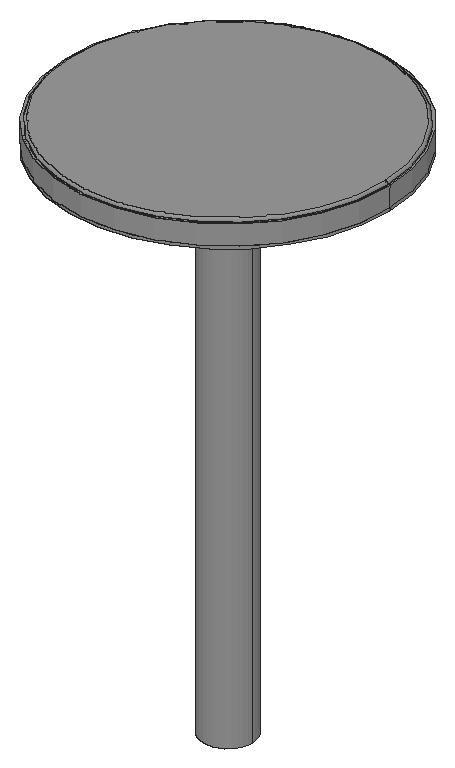
Revit family "Комплект барной мебели «Таверна» Арт 19652", category Антураж, Revit 2018
Family settings
  На основе рабочей плоскости = Нет
  Всегда вертикально = Да
  При загрузке вырезать с полостями = Нет
  Источник визуального образа = Геометрия семейства
  Общий = Нет
  Точка расчета площади = Нет
Parameters (values of type "Комплект барной мебели «Таверна». Стол")
  Ширина = if(Стол, 650 mm, 300 mm)  # 650 mm
  Цвет отделки = Дерево
  Цвет каркаса = Сталь
  Стул = not(Стол)  # no
  Стол = yes
  Описание = if(Стол, "Комплект барной мебели «Таверна». Стол", "Комплект барной мебели «Таверна». Стул")  # "Комплект барной мебели «Таверна». Стол"
  Материал изделия = "Сталь, дерево"  # constant formula
  Изображение типоразмера = Комплект барной мебели «Таверна» Арт 19652.jpg
  Изготовитель = "ООО «Хоббика»"  # constant formula
  Длина = if(Стол, 650 mm, 300 mm)  # 650 mm
  Группа модели = " Комплекты садовой мебели"  # constant formula
  Высота = if(Стол, 1100 mm, 750 mm)  # 1100 mm
  Артикул товара = "Арт. 19652"  # constant formula
  URL = "https://hobbyka.ru/product/komplekt_barnoy_mebeli_taverna/"
Types (3, lengths in mm): name | Ширина | Стул | Стол | Описание | Длина | Высота
  (no name) | 650 | no | yes | "Комплект барной мебели «Таверна». Стол" | 650 | 1100
  Комплект барной мебели «Таверна». Стол | 650 | no | yes | "Комплект барной мебели «Таверна». Стол" | 650 | 1100
  Комплект барной мебели «Таверна». Стул | 300 | yes | no | "Комплект барной мебели «Таверна». Стул" | 300 | 750
Reference planes
  plane 1 "По центру (Вперед/Назад)": y = 0
  plane 2: z = 0
  plane 3 "По центру (Влево/Вправо)": x = 0
  plane 4: x = -325
  plane 5: x = 325
  plane 6: y = 325
  plane 7: y = -325
  plane 8: z = 1100
Dimensions and locks
  equal spacing: plane 4, plane 3 "По центру (Влево/Вправо)", plane 5
  "Длина": plane 4 to plane 5
  equal spacing: plane 6, plane 1 "По центру (Вперед/Назад)", plane 7
  "Ширина": plane 6 to plane 7
  "Высота": plane 8 to level
  aligned and locked: level to plane 2
Nested families
  nested 1: "Комплект барной мебели «Таверна» Арт 19652 стол" at (0, 0, 0), visible <- "Стол", type "Комплект барной мебели «Таверна» Арт 19652 стол"
  nested 2: "Комплект барной мебели «Таверна» Арт 19652 стул" at (0, 0, 0), visible <- "Стул", type "Комплект барной мебели «Таверна» Арт 19652 стул"
Definition of nested family "Комплект барной мебели «Таверна» Арт 19652 стол"
  Parameters (values of type "Комплект барной мебели «Таверна» Арт 19652 стол")
    Цвет отделки = none
    Цвет каркаса = none
    Height = 0 mm
  Reference planes
    plane 1 "По центру (Вперед/Назад)": y = 0
    plane 2: z = 0
    plane 3 "По центру (Влево/Вправо)": x = 0
  Forms (mm)
    Extrusion 1, solid, material <- "Цвет каркаса"
      sketch origin (0, 0, 0) x (1, 0, 0) y (0, 1, 0)
        loop
          circle (0, 0) r 50
        loop
          circle (0, 0) r 45
      from 0 to 1050
    Extrusion 2, solid, material <- "Цвет каркаса"
      sketch origin (0, 0, 0) x (1, 0, 0) y (0, 1, 0)
        loop
          circle (0, 0) r 325
        loop
          circle (0, 0) r 320
      from 1055 to 1095
    Extrusion 3, solid, material <- "Цвет отделки"
      sketch origin (0, 0, 0) x (1, 0, 0) y (0, 1, 0)
        loop
          circle (0, 0) r 320
      from 1055 to 1100
    Extrusion 4, solid, material <- "Цвет каркаса"
      sketch origin (0, 0, 0) x (1, 0, 0) y (0, 1, 0)
        loop
          circle (0, 0) r 325
      from 1050 to 1055
    Sweep 5, void
      path origin (0, 0, 1100) x (1, 0, 0) y (0, 1, 0)
        loop
          circle (0, 0) r 320
      profile origin (0, 320, 1100) x (0, -1, 0) y (0, 0, 1)
        loop
          arc (0, -5) -> (1.464, -1.464) -> (5, 0) r 5
          line (5, 0) -> (0, 0) -> (0, -5)
  Cuts and joins
    joined: Extrusion 2, Extrusion 4
    Sweep 5 cuts Extrusion 3
  Dimensions and locks
    aligned and locked: level to plane 2
Definition of nested family "Комплект барной мебели «Таверна» Арт 19652 стул"
  Parameters (values of type "Комплект барной мебели «Таверна» Арт 19652 стул")
    Цвет отделки = none
    Цвет каркаса = none
    Height = 0 mm
  Reference planes
    plane 1 "По центру (Вперед/Назад)": y = 0
    plane 2: z = 0
    plane 3 "По центру (Влево/Вправо)": x = 0
  Forms (mm)
    Extrusion 1, solid, material <- "Цвет каркаса"
      sketch origin (0, 0, 0) x (1, 0, 0) y (0, 1, 0)
        loop
          circle (0, 0) r 50
        loop
          circle (0, 0) r 45
      from 0 to 700
    Extrusion 2, solid, material <- "Цвет каркаса"
      sketch origin (0, 0, 0) x (1, 0, 0) y (0, 1, 0)
        loop
          circle (0, 0) r 150
        loop
          circle (0, 0) r 145
      from 705 to 745
    Extrusion 3, solid, material <- "Цвет отделки"
      sketch origin (0, 0, 0) x (1, 0, 0) y (0, 1, 0)
        loop
          circle (0, 0) r 145
      from 705 to 750
    Extrusion 4, solid, material <- "Цвет каркаса"
      sketch origin (0, 0, 0) x (1, 0, 0) y (0, 1, 0)
        loop
          circle (0, 0) r 150
      from 700 to 705
    Sweep 5, void
      path origin (0, 0, 750) x (1, 0, 0) y (0, 1, 0)
        loop
          circle (0, 0) r 145
      profile origin (0, 145, 750) x (0, -1, 0) y (0, 0, 1)
        loop
          arc (0, -5) -> (1.464, -1.464) -> (5, 0) r 5
          line (5, 0) -> (0, 0) -> (0, -5)
    Extrusion 6, solid, material <- "Цвет каркаса"
      sketch origin (0, 0, 0) x (1, 0, 0) y (0, 0, 1)
        loop
          circle (116.728, 286.073) r 25
        loop
          circle (116.728, 286.073) r 20
      from -50 to 50
    Extrusion 7, solid, material <- "Цвет каркаса"
      sketch origin (0, 0, 0) x (0, 1, 0) y (0, 0, 1)
        loop
          circle (0, 286.073) r 25
        loop
          circle (0, 286.073) r 20
      from 0 to 116.728
    Extrusion 8, void
      sketch origin (0, 0, 0) x (1, 0, 0) y (0, 0, 1)
        loop
          circle (116.728, 286.073) r 20
      from -50 to 50
  Cuts and joins
    joined: Extrusion 2, Extrusion 4
    Sweep 5 cuts Extrusion 3
    Extrusion 8 cuts Extrusion 7
    joined: Extrusion 1, Extrusion 6, Extrusion 7
  Dimensions and locks
    aligned and locked: level to plane 2
